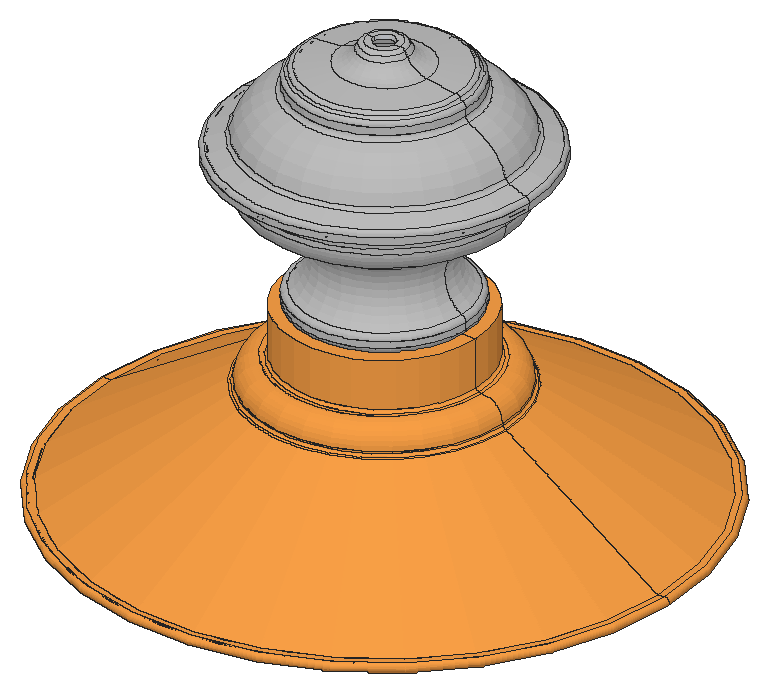
Revit family "B104 SHADE", category Lighting Fixtures, Revit 2024
Family settings
  Round Connector Dimension = Use Diameter
  Part Type = Normal
  OmniClass Number = 23.80.70.00
  OmniClass Title = Lighting
  Work Plane-Based = No
  Always vertical = Yes
  Cut with Voids When Loaded = No
  Light Source = Yes
  Maintain Annotation Orientation = No
  Shared = No
  Room Calculation Point = No
Parameters
  Wattage = 12.1178 W
  built-in parameter 1150110 = 1 (stored number, unit not read)
  built-in parameter 1114217 = 1 (stored number, unit not read)
  built-in parameter 1150109 = 1 (stored number, unit not read)
  built-in parameter 1150134 = (empty or 0)
  built-in parameter 1150113 = 1 (stored number, unit not read)
  Lumens = 1800 lm
  built-in parameter 1150115 = 1 (stored number, unit not read)
  built-in parameter 1150105 = 572.96 (stored number, unit not read)
  Light Source Symbol Size = 2' - 0"
  built-in parameter 1150137 = (empty or 0)
  built-in parameter 1150139 = (empty or 0)
  built-in parameter 1150112 = 1 (stored number, unit not read)
  built-in parameter 1150114 = 1 (stored number, unit not read)
  built-in parameter 1150132 = 2
  built-in parameter 1150102 = (empty or 0)
  built-in parameter 1150138 = (empty or 0)
  built-in parameter 1150107 = 3000 (stored number, unit not read)
  built-in parameter 1150106 = 5.7296 (stored number, unit not read)
  built-in parameter 1150104 = 13.8 (stored number, unit not read)
  Dimming Lamp Color Temperature Shift = (empty or 0)
  Default Elevation = 0' - 0"
  Color Filter = 16777215
  built-in parameter 1114218 = 1 (stored number, unit not read)
  built-in parameter 1150133 = 10 (stored number, unit not read)
Reference planes (in)
  plane 1 "Light Source Axis (F/B)": y = 0
  plane 2: z = 0
  plane 3 "Light Source Axis (L/R)": x = 0
  plane 4 "Light Source Elevation": z = 54
Forms (in)
  Revolve 1, solid
    sketch origin (0, 0, 0) x (1, 0, 0) y (0, 0, 1)
      loop
        arc (-2, 58.375) -> (-1.96339, 58.28661) -> (-1.875, 58.25) r 0.125
        line (-1.875, 58.25) -> (-0.25, 58.25) -> (-0.25, 58.34375) -> (-1.875, 58.34375)
        arc (-1.875, 58.34375) -> (-1.8971, 58.3529) -> (-1.90625, 58.375) r 0.03125
        line (-1.90625, 58.375) -> (-1.90625, 58.525)
        arc (-1.90625, 58.525) -> (-1.8888, 58.55304) -> (-1.85593, 58.54976) r 0.03125
        arc (-1.85593, 58.54976) -> (-1.4062, 59.36907) -> (-1.846, 60.19375) r 0.98199
        line (-1.846, 60.19375) -> (-1.91708, 60.19375)
        arc (-1.91708, 60.19375) -> (-1.93602, 60.20015) -> (-1.94721, 60.21672) r 0.03125
        arc (-1.94721, 60.21672) -> (-2.16544, 60.49052) -> (-2.5, 60.59375) r 0.59375
        arc (-2.5, 60.59375) -> (-2.78726, 60.71274) -> (-2.90625, 61) r 0.40625
        line (-2.90625, 61) -> (-2.90625, 61.125)
        arc (-2.90625, 61.125) -> (-3.04354, 61.45646) -> (-3.375, 61.59375) r 0.46875
        arc (-3.375, 61.59375) -> (-3.39892, 61.60489) -> (-3.40579, 61.63036) r 0.03125
        line (-3.40579, 61.63036) -> (-3.46875, 61.63036) -> (-3.46875, 61.6969)
        arc (-3.46875, 61.6969) -> (-3.46289, 61.71512) -> (-3.4475, 61.7265) r 0.03125
        line (-3.4475, 61.7265) -> (-3.03457, 61.86598)
        arc (-3.03457, 61.86598) -> (-2.9457, 61.92286) -> (-2.89379, 62.01472) r 0.21875
        arc (-2.89379, 62.01472) -> (-2.58736, 62.54624) -> (-2.06221, 62.86345) r 1.22923
        arc (-2.06221, 62.86345) -> (-1.94952, 62.94239) -> (-1.90625, 63.07299) r 0.21875
        line (-1.90625, 63.07299) -> (-1.90625, 63.24682)
        arc (-1.90625, 63.24682) -> (-1.90109, 63.26403) -> (-1.88731, 63.27555) r 0.03125
        arc (-1.88731, 63.27555) -> (-1.8235, 63.31737) -> (-1.77793, 63.37856) r 0.21875
        arc (-1.77793, 63.37856) -> (-1.76784, 63.39021) -> (-1.7534, 63.39562) r 0.03125
        line (-1.7534, 63.39562) -> (-1.02603, 63.47525)
        arc (-1.02603, 63.47525) -> (-0.71457, 63.58579) -> (-0.48551, 63.82401) r 0.71875
        line (-0.48551, 63.82401) -> (-0.42433, 63.92751)
        arc (-0.42433, 63.92751) -> (-0.41292, 63.93875) -> (-0.39743, 63.94286) r 0.03125
        line (-0.39743, 63.94286) -> (-0.25, 63.94286) -> (-0.25, 64.03661) -> (-0.39743, 64.03661)
        arc (-0.39743, 64.03661) -> (-0.45938, 64.02018) -> (-0.50504, 63.97522) r 0.125
        line (-0.50504, 63.97522) -> (-0.56621, 63.87172)
        arc (-0.56621, 63.87172) -> (-0.7654, 63.66457) -> (-1.03623, 63.56845) r 0.625
        line (-1.03623, 63.56845) -> (-1.7636, 63.48881)
        arc (-1.7636, 63.48881) -> (-1.82135, 63.46718) -> (-1.86174, 63.42058) r 0.125
        arc (-1.86174, 63.42058) -> (-1.88778, 63.38562) -> (-1.92424, 63.36172) r 0.125
        arc (-1.92424, 63.36172) -> (-1.97935, 63.31564) -> (-2, 63.24682) r 0.125
        line (-2, 63.24682) -> (-2, 63.07299)
        arc (-2, 63.07299) -> (-2.02472, 62.99836) -> (-2.08912, 62.95325) r 0.125
        arc (-2.08912, 62.95325) -> (-2.65433, 62.61185) -> (-2.98413, 62.0398) r 1.32298
        arc (-2.98413, 62.0398) -> (-3.01379, 61.9873) -> (-3.06457, 61.9548) r 0.125
        line (-3.06457, 61.9548) -> (-3.4775, 61.81532)
        arc (-3.4775, 61.81532) -> (-3.53905, 61.76978) -> (-3.5625, 61.6969) r 0.125
        line (-3.5625, 61.6969) -> (-3.5625, 61.53661) -> (-3.46339, 61.53661)
        arc (-3.46339, 61.53661) -> (-3.42284, 61.50952) -> (-3.375, 61.5) r 0.125
        arc (-3.375, 61.5) -> (-3.10983, 61.39017) -> (-3, 61.125) r 0.375
        line (-3, 61.125) -> (-3, 61)
        arc (-3, 61) -> (-2.85355, 60.64645) -> (-2.5, 60.5) r 0.5
        arc (-2.5, 60.5) -> (-2.21955, 60.41394) -> (-2.03564, 60.18539) r 0.5
        arc (-2.03564, 60.18539) -> (-1.99013, 60.12357) -> (-1.91708, 60.1) r 0.125
        line (-1.91708, 60.1) -> (-1.875, 60.1)
        arc (-1.875, 60.1) -> (-1.49993, 59.375) -> (-1.875, 58.65) r 0.88824
        arc (-1.875, 58.65) -> (-1.96339, 58.61339) -> (-2, 58.525) r 0.125
        line (-2, 58.525) -> (-2, 58.375)
      axis (0, 64.03661) -> (0, 58.25)
    angle from 0 to 360
  Revolve 2, solid
    sketch origin (0, 0, 0) x (1, 0, 0) y (0, 0, 1)
      loop
        line (-6.8002, 54.10625) -> (-6.71154, 54.10625) -> (-2.97337, 56.41625)
        arc (-2.97337, 56.41625) -> (-2.86232, 56.46171) -> (-2.81625, 56.5725) r 0.15625
        line (-2.81625, 56.5725) -> (-2.81625, 56.61)
        arc (-2.81625, 56.61) -> (-2.69726, 56.89726) -> (-2.41, 57.01625) r 0.40625
        line (-2.41, 57.01625) -> (-2.3125, 57.01625)
        arc (-2.3125, 57.01625) -> (-2.20201, 57.06201) -> (-2.15625, 57.1725) r 0.15625
        line (-2.15625, 57.1725) -> (-2.15625, 58.15625) -> (-0.25, 58.15625) -> (-0.25, 58.25) -> (-2.25, 58.25) -> (-2.25, 57.1725)
        arc (-2.25, 57.1725) -> (-2.26831, 57.12831) -> (-2.3125, 57.11) r 0.0625
        line (-2.3125, 57.11) -> (-2.41, 57.11)
        arc (-2.41, 57.11) -> (-2.76355, 56.96355) -> (-2.91, 56.61) r 0.5
        line (-2.91, 56.61) -> (-2.91, 56.5725)
        arc (-2.91, 56.5725) -> (-2.92996, 56.52671) -> (-2.9771, 56.51017) r 0.0625
        arc (-2.9771, 56.51017) -> (-2.99655, 56.50855) -> (-3.01455, 56.50101) r 0.0625
        line (-3.01455, 56.50101) -> (-6.73817, 54.2) -> (-6.9, 54.2)
        arc (-6.9, 54.2) -> (-6.96847, 54.02711) -> (-6.8002, 54.10625) r 0.1
      axis (0, 58.25) -> (0, 54.10625)
    angle from 0 to 360
Dimensions and locks (in)
  aligned and locked: plane 3 "Light Source Axis (L/R)" to imposter light
  aligned and locked: plane 1 "Light Source Axis (F/B)" to imposter light
  aligned and locked: plane 4 "Light Source Elevation" to imposter light
  aligned and locked: level to plane 2
